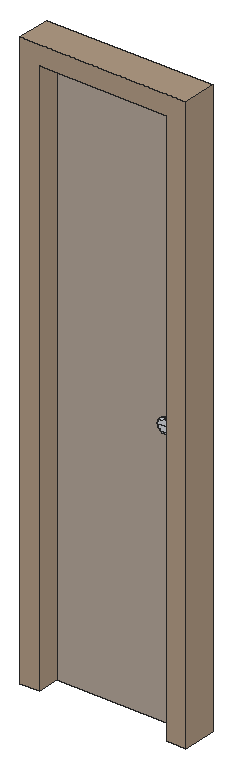
Revit family "D10_木門百葉1", category 門, Revit 2014
Parameters (values of type "60 x 210 cm 2")
  熱阻 (R) = 0.270117 (m²·K)/W
  Visual Light Transmittance = 0
  Solar Heat Gain Coefficient = 0
  營造類型 Id = "MDOOR"
  關鍵註記 = "單開門-矩形"
  傳熱係數 (U) = 3.7021 W/(m²·K)
  功能 = 室內
  門扇材料 = none
  門扇寬度 = Width - 2 * 開門側框寬度  # 500 mm
  門扇厚度 = 40 mm
  Assembly Code = ""
  Rough Height = Height  # 2100 mm
  Rough Width = Width  # 600 mm
  框架深度 = 120 mm
  框擋板寬度 = 門扇厚度 / 2  # 20 mm
  框總寬度 [instance] = 開門側框寬度 + 框擋板寬度  # 70 mm
  Height = 2100 mm
  牆封閉 = 依主體
  框架材料 = none
  開門側框寬度 = 50 mm
  握把五金 = none
  Width = 600 mm
  操作 = "左單開門方向"
  解析營造 = "金屬"
Reference planes
  plane 1: y = -210
  plane 2 "中心 (左/右)": x = 0
  plane 3 "左": x = -300
  plane 4 "右": x = 300
  plane 5: z = 2100
  plane 6 "外部": y = -135
  plane 7 "內部": y = -285
  plane 8: y = 320
  plane 9: y = -740
  plane 10: z = 1050
Forms (mm)
  Sweep 1, solid, material "橡木、紅色"
    path origin (-5000, -210, 0) x (-1, 0, 0) y (0, 0, 1)
      loop
        line (-5300, 0) -> (-5300, 2100) -> (-4700, 2100) -> (-4700, 0)
    profile origin (300, -210, 1050) x (1, 0, 0) y (0, 1, 0)
      loop
        line (0, 60) -> (-50, 60) -> (-50, 20) -> (-70, 20) -> (-70, -60) -> (0, -60) -> (0, 60)
  Extrusion 2, solid, material "橡木、白色"
    sketch origin (-5000, -210, 0) x (1, 0, 0) y (0, 0, 1)
      loop
        line (4750, 2050) -> (4750, 0) -> (5250, 0) -> (5250, 2050) -> (4750, 2050)
    from -60 to -20
Lines and regions (mm)
  Opening 1
    outline origin (-3050, -285, 0) x (1, 0, 0) y (0, 0, 1)
      loop
        line (2750, 0) -> (3350, 0) -> (3350, 2100) -> (2750, 2100) -> (2750, 0)
  symbolic lines, style "Doors"
    curve 1: line (-250, -150, 0) -> (-210, -150, 0)
    curve 2: line (-250, 350, 0) -> (-250, -150, 0)
    curve 3: line (-210, 350, 0) -> (-250, 350, 0)
    curve 4: line (-210, -150, 0) -> (-210, 350, 0)
  symbolic lines, style "平面圖打開方向"
    curve 5: arc (250, -150, 0) -> (117.423, 189.116, 0) -> (-210, 348.397, 0) r 500
  symbolic lines, style "DoorsFrameMullionProjection"
    curve 6: line (-250, -150, 0) -> (-300, -150, 0)
    curve 7: line (-250, -270, 0) -> (-250, -150, 0)
    curve 8: line (-300, -270, 0) -> (-250, -270, 0)
    curve 9: line (-300, -150, 0) -> (-300, -270, 0)
    curve 10: line (250, -150, 0) -> (300, -150, 0)
    curve 11: line (250, -270, 0) -> (250, -150, 0)
    curve 12: line (300, -270, 0) -> (250, -270, 0)
    curve 13: line (300, -150, 0) -> (300, -270, 0)
  symbolic lines, style "立面圖打開方向"
    curve 14: line (-300, -285, 1050) -> (300, -285, 0)
    curve 15: line (-300, -135, 1050) -> (300, -135, 2100)
  model lines
    curve 16: line (155, -190, 375) -> (-155, -190, 375)
    curve 17: line (155, -190, 75) -> (155, -190, 2055)
    curve 18: line (-155, -190, 75) -> (155, -190, 75)
    curve 19: line (-155, -190, 2055) -> (-155, -190, 75)
    curve 20: line (155, -190, 335) -> (-155, -190, 335)
    curve 21: line (155, -190, 295) -> (-155, -190, 295)
    curve 22: line (155, -190, 255) -> (-155, -190, 255)
    curve 23: line (155, -190, 215) -> (-155, -190, 215)
    curve 24: line (155, -190, 175) -> (-155, -190, 175)
    curve 25: line (155, -190, 1180) -> (-155, -190, 1180)
    curve 26: line (155, -190, 405) -> (-155, -190, 405)
    curve 27: line (155, -190, 445) -> (-155, -190, 445)
    curve 28: line (155, -190, 485) -> (-155, -190, 485)
    curve 29: line (155, -190, 525) -> (-155, -190, 525)
    curve 30: line (155, -190, 565) -> (-155, -190, 565)
    curve 31: line (155, -190, 605) -> (-155, -190, 605)
    curve 32: line (155, -190, 645) -> (-155, -190, 645)
    curve 33: line (155, -190, 685) -> (-155, -190, 685)
    curve 34: line (155, -190, 725) -> (-155, -190, 725)
    curve 35: line (155, -190, 765) -> (-155, -190, 765)
    curve 36: line (155, -190, 805) -> (-155, -190, 805)
    curve 37: line (155, -190, 845) -> (-155, -190, 845)
    curve 38: line (155, -190, 885) -> (-155, -190, 885)
    curve 39: line (155, -190, 925) -> (-155, -190, 925)
    curve 40: line (155, -190, 965) -> (-155, -190, 965)
    curve 41: line (155, -190, 1005) -> (-155, -190, 1005)
    curve 42: line (155, -190, 1045) -> (-155, -190, 1045)
    curve 43: line (155, -190, 1085) -> (-155, -190, 1085)
    curve 44: line (155, -190, 1225) -> (-155, -190, 1225)
    curve 45: line (155, -190, 1265) -> (-155, -190, 1265)
    curve 46: line (155, -190, 1305) -> (-155, -190, 1305)
    curve 47: line (155, -190, 1345) -> (-155, -190, 1345)
    curve 48: line (155, -190, 1385) -> (-155, -190, 1385)
    curve 49: line (155, -190, 1425) -> (-155, -190, 1425)
    curve 50: line (155, -190, 1465) -> (-155, -190, 1465)
    curve 51: line (155, -190, 1505) -> (-155, -190, 1505)
    curve 52: line (155, -190, 1545) -> (-155, -190, 1545)
    curve 53: line (155, -190, 1585) -> (-155, -190, 1585)
    curve 54: line (155, -190, 1625) -> (-155, -190, 1625)
    curve 55: line (155, -190, 1665) -> (-155, -190, 1665)
    curve 56: line (155, -190, 1705) -> (-155, -190, 1705)
    curve 57: line (155, -190, 1745) -> (-155, -190, 1745)
    curve 58: line (155, -190, 1785) -> (-155, -190, 1785)
    curve 59: line (155, -190, 1825) -> (-155, -190, 1825)
    curve 60: line (155, -190, 1865) -> (-155, -190, 1865)
    curve 61: line (155, -190, 1905) -> (-155, -190, 1905)
    curve 62: line (155, -190, 1945) -> (-155, -190, 1945)
    curve 63: line (155, -190, 1985) -> (-155, -190, 1985)
    curve 64: line (155, -190, 2025) -> (-155, -190, 2025)
    curve 65: line (155, -190, 2055) -> (-155, -190, 2055)
    curve 66: line (155, -150, 325) -> (-155, -150, 325)
    curve 67: line (155, -150, 75) -> (155, -150, 1955)
    curve 68: line (-155, -150, 75) -> (155, -150, 75)
    curve 69: line (-155, -150, 1955) -> (-155, -150, 75)
    curve 70: line (155, -150, 285) -> (-155, -150, 285)
    curve 71: line (155, -150, 245) -> (-155, -150, 245)
    curve 72: line (155, -150, 205) -> (-155, -150, 205)
    curve 73: line (155, -150, 165) -> (-155, -150, 165)
    curve 74: line (155, -150, 125) -> (-155, -150, 125)
    curve 75: line (155, -150, 365) -> (-155, -150, 365)
    curve 76: line (155, -150, 405) -> (-155, -150, 405)
    curve 77: line (155, -150, 445) -> (-155, -150, 445)
    curve 78: line (155, -150, 485) -> (-155, -150, 485)
    curve 79: line (155, -150, 525) -> (-155, -150, 525)
    curve 80: line (155, -150, 565) -> (-155, -150, 565)
    curve 81: line (155, -150, 605) -> (-155, -150, 605)
    curve 82: line (155, -150, 645) -> (-155, -150, 645)
    curve 83: line (155, -150, 685) -> (-155, -150, 685)
    curve 84: line (155, -150, 725) -> (-155, -150, 725)
    curve 85: line (155, -150, 765) -> (-155, -150, 765)
    curve 86: line (155, -150, 805) -> (-155, -150, 805)
    curve 87: line (155, -150, 845) -> (-155, -150, 845)
    curve 88: line (155, -150, 885) -> (-155, -150, 885)
    curve 89: line (155, -150, 925) -> (-155, -150, 925)
    curve 90: line (155, -150, 965) -> (-155, -150, 965)
    curve 91: line (155, -150, 1005) -> (-155, -150, 1005)
    curve 92: line (155, -150, 1045) -> (-155, -150, 1045)
    curve 93: line (155, -150, 1085) -> (-155, -150, 1085)
    curve 94: line (155, -150, 1125) -> (-155, -150, 1125)
    curve 95: line (155, -150, 1165) -> (-155, -150, 1165)
    curve 96: line (155, -150, 1205) -> (-155, -150, 1205)
    curve 97: line (155, -150, 1245) -> (-155, -150, 1245)
    curve 98: line (155, -150, 1285) -> (-155, -150, 1285)
    curve 99: line (155, -150, 1325) -> (-155, -150, 1325)
    curve 100: line (155, -150, 1365) -> (-155, -150, 1365)
    curve 101: line (155, -150, 1405) -> (-155, -150, 1405)
    curve 102: line (155, -150, 1445) -> (-155, -150, 1445)
    curve 103: line (155, -150, 1485) -> (-155, -150, 1485)
    curve 104: line (155, -150, 1525) -> (-155, -150, 1525)
    curve 105: line (155, -150, 1565) -> (-155, -150, 1565)
    curve 106: line (155, -150, 1605) -> (-155, -150, 1605)
    curve 107: line (155, -150, 1645) -> (-155, -150, 1645)
    curve 108: line (155, -150, 1685) -> (-155, -150, 1685)
    curve 109: line (155, -150, 1725) -> (-155, -150, 1725)
    curve 110: line (155, -150, 1765) -> (-155, -150, 1765)
    curve 111: line (155, -150, 1805) -> (-155, -150, 1805)
    curve 112: line (155, -150, 1845) -> (-155, -150, 1845)
    curve 113: line (155, -150, 1885) -> (-155, -150, 1885)
    curve 114: line (155, -150, 1925) -> (-155, -150, 1925)
    curve 115: line (155, -150, 1955) -> (-155, -150, 1955)
Text (mm)
  text "外部" at (-2295.016, 1099.543, 0), in view "參考樓層"
  text "外部" at (0, 1615.38, 3698.081), in view "左"
  text "外部" at (0, 1036.032, 3874.932), in view "右"
Dimensions and locks
  equal spacing: plane 3 "左", plane 2 "中心 (左/右)", plane 4 "右"
  "Width": plane 3 "左" to plane 4 "右"
  "Height": plane 5 to host wall
  host wall to plane 5 = 2100 mm  (x2)
  locked: plane 6 "外部" to host wall at 0
  locked: plane 7 "內部" to host wall
  equal spacing: Sweep 1 sketch curve, host wall, Sweep 1 sketch curve
  "框架深度": Sweep 1 sketch curve to Sweep 1 sketch curve
  "門扇厚度": Sweep 1 sketch curve to Sweep 1 sketch curve
  "開門側框寬度": Sweep 1 sketch curve to Sweep 1 sketch curve
  "框擋板寬度": Sweep 1 sketch curve to Sweep 1 sketch curve
  "Width": Sweep 1 sketch curve to Sweep 1 sketch curve
  "門扇厚度": curve 2 to curve 4
  "門扇寬度": curve 3 to curve 1
  "開門側框寬度": curve 11 to Sweep 1
  "開門側框寬度": curve 9 to curve 7
  equal spacing: Sweep 1, host wall, Sweep 1  (x2)
  "框架深度": Sweep 1 to Sweep 1  (x2)
  equal spacing: curve 6, plane 1, curve 8
  "框架深度": curve 6 to curve 8
  equal spacing: curve 12, plane 1, curve 10
  "框架深度": curve 12 to curve 10
  nested 2 to Sweep 1 = 30 mm
  nested 1 to Sweep 1 = 30 mm
  equal spacing: plane 8, plane 1, plane 9
  plane 8 to plane 9 = 1060 mm
  "門扇厚度": Extrusion 2 to Extrusion 2
  equal spacing: plane 5, plane 10, level
  "門扇寬度": radius of curve 5
  aligned and locked: plane 3 "左" to Opening 1 sketch curve
  aligned and locked: plane 5 to Opening 1 sketch curve  (x2)
  aligned and locked: Opening 1 sketch curve to plane 4 "右"
  aligned and locked: Opening 1 sketch curve to level
  aligned and locked: plane 1 to host wall
  aligned and locked: Sweep 1 to Extrusion 2 sketch curve
  aligned and locked: Extrusion 2 sketch curve to Sweep 1  (x2)
  aligned and locked: level to Extrusion 2 sketch curve
  aligned and locked: Extrusion 2 to Sweep 1
  aligned and locked: nested 2 to Extrusion 2
  aligned and locked: plane 4 "右" to curve 15
  aligned and locked: plane 5 to curve 15
  aligned and locked: level to curve 14
  aligned and locked: plane 4 "右" to curve 14
  aligned and locked: plane 10 to curve 15
  aligned and locked: plane 3 "左" to curve 15
  aligned and locked: curve 14 to curve 15
  aligned and locked: Sweep 1 to nested 1
  aligned and locked: nested 2 to Sweep 1  (x2)
  aligned and locked: nested 2 to nested 1
Automatic sketch dimensions
  curve 14 to plane 10 = 0 mm
  plane 4 "右" to Sweep 1 sketch curve = 0 mm
  Sweep 1 sketch curve to plane 5 = 0 mm
  Sweep 1 sketch curve to level = 0 mm  (x2)
  Sweep 1 sketch curve to profile plane = 0 mm
  curve 9 to plane 3 "左" = 0 mm
  curve 13 to plane 4 "右" = 0 mm
  level to curve 69 = 75 mm
  curve 68 to curve 74 = 50 mm
  curve 74 to curve 73 = 40 mm
  curve 73 to curve 72 = 40 mm
  curve 72 to curve 71 = 40 mm
  curve 71 to curve 70 = 40 mm
  curve 114 to plane 3 "左" = 145 mm
  curve 92 to plane 10 = 5 mm
  plane 4 "右" to curve 82 = 145 mm
  curve 66 to curve 75 = 40 mm
  curve 75 to curve 76 = 40 mm
  curve 76 to curve 77 = 40 mm
  curve 77 to curve 78 = 40 mm
  curve 78 to curve 79 = 40 mm
  curve 79 to curve 80 = 40 mm
  curve 80 to curve 81 = 40 mm
  curve 81 to curve 82 = 40 mm
  curve 82 to curve 83 = 40 mm
  curve 83 to curve 84 = 40 mm
  curve 84 to curve 85 = 40 mm
  curve 85 to curve 86 = 40 mm
  curve 86 to curve 87 = 40 mm
  curve 87 to curve 88 = 40 mm
  curve 88 to curve 89 = 40 mm
  curve 89 to curve 90 = 40 mm
  curve 90 to curve 91 = 40 mm
  plane 10 to curve 93 = 35 mm
  curve 93 to curve 94 = 40 mm
  curve 94 to curve 95 = 40 mm
  curve 95 to curve 96 = 40 mm
  curve 96 to curve 97 = 40 mm
  curve 97 to curve 98 = 40 mm
  curve 98 to curve 99 = 40 mm
  curve 99 to curve 100 = 40 mm
  curve 100 to curve 101 = 40 mm
  curve 101 to curve 102 = 40 mm
  curve 102 to curve 103 = 40 mm
  curve 103 to curve 104 = 40 mm
  curve 104 to curve 105 = 40 mm
  curve 105 to curve 106 = 40 mm
  curve 106 to curve 107 = 40 mm
  curve 107 to curve 108 = 40 mm
  curve 108 to curve 109 = 40 mm
  curve 109 to curve 110 = 40 mm
  curve 110 to curve 111 = 40 mm
  curve 111 to curve 112 = 40 mm
  curve 112 to curve 113 = 40 mm
  curve 113 to curve 114 = 40 mm
  curve 114 to curve 115 = 30 mm
  curve 70 to curve 66 = 40 mm
  curve 19 to plane 3 "左" = 145 mm
  plane 5 to curve 65 = 45 mm
  plane 4 "右" to curve 18 = 145 mm
  level to curve 18 = 75 mm
  curve 17 to curve 64 = 30 mm
  curve 64 to curve 63 = 40 mm
  curve 63 to curve 62 = 40 mm
  curve 62 to curve 61 = 40 mm
  curve 61 to curve 60 = 40 mm
  curve 60 to curve 59 = 40 mm
  curve 59 to curve 58 = 40 mm
  curve 58 to curve 57 = 40 mm
  curve 57 to curve 56 = 40 mm
  curve 56 to curve 55 = 40 mm
  curve 55 to curve 54 = 40 mm
  curve 54 to curve 53 = 40 mm
  curve 53 to curve 52 = 40 mm
  curve 52 to curve 51 = 40 mm
  curve 51 to curve 50 = 40 mm
  curve 50 to curve 49 = 40 mm
  curve 49 to curve 48 = 40 mm
  curve 48 to curve 47 = 40 mm
  curve 47 to curve 46 = 40 mm
  curve 46 to curve 45 = 40 mm
  curve 45 to curve 44 = 40 mm
  curve 44 to curve 25 = 45 mm
  plane 10 to curve 43 = 35 mm
  curve 42 to plane 10 = 5 mm
  curve 42 to curve 41 = 40 mm
  curve 41 to curve 40 = 40 mm
  curve 40 to curve 39 = 40 mm
  curve 39 to curve 38 = 40 mm
  curve 38 to curve 37 = 40 mm
  curve 37 to curve 36 = 40 mm
  curve 36 to curve 35 = 40 mm
  curve 35 to curve 34 = 40 mm
  curve 34 to curve 33 = 40 mm
  curve 33 to curve 32 = 40 mm
  curve 32 to curve 31 = 40 mm
  curve 31 to curve 30 = 40 mm
  curve 30 to curve 29 = 40 mm
  curve 29 to curve 28 = 40 mm
  curve 28 to curve 27 = 40 mm
  curve 27 to curve 26 = 40 mm
  curve 26 to curve 16 = 30 mm
  curve 16 to curve 20 = 40 mm
  curve 20 to curve 21 = 40 mm
  curve 21 to curve 22 = 40 mm
  curve 22 to curve 23 = 40 mm
  curve 23 to curve 24 = 40 mm
Nested families
  nested 1: "喇叭鎖" at (275, -190, 0) x (-1, 0, 0) z (0, 0, 1), type "喇叭鎖"
  nested 2: "喇叭鎖" at (275, -150, 0) x (-1, 0, 0) z (0, 0, 1), type "喇叭鎖"
  nested 3: "喇叭鎖" at (365, 60, 1000), type "喇叭鎖", not visible
  nested 4: "喇叭鎖" at (365, 20, 1000), type "喇叭鎖", not visible
Definition of nested family "喇叭鎖"
  Parameters (values of type "喇叭鎖")
    Assembly Code = ""
    握把高度 = 1000 mm
    握把與版面側邊距離 = 75 mm
    握把五金 = none
  Reference planes
    plane 1 "中心 (前/後)": y = 0
    plane 2: z = 0
    plane 3 "中心 (左/右)": x = 0
    plane 4: x = 75
  Forms (mm)
    Revolve 1, solid, material <- "握把五金"
      sketch origin (511.236, -60, 1000) x (1, 0, 0) y (0, 1, 0)
        loop
          line (-436.236, 60) -> (-406.236, 60) -> (-406.236, 66) -> (-426.236, 66) -> (-426.236, 85) -> (-417.636, 85) -> (-411.236, 109.7) -> (-411.236, 113.2) -> (-415.736, 115) -> (-436.236, 115) -> (-436.236, 60)
        axis (-436.236, 60) -> (-436.236, 115)
      angle from 0 to 360
  Dimensions and locks
    "握把與版面側邊距離": plane 3 "中心 (左/右)" to plane 4
    "握把高度": Revolve 1 to level
  Automatic sketch dimensions
    plane 3 "中心 (左/右)" to Revolve 1 sketch curve = 75 mm  (x2)
    Revolve 1 sketch curve to plane 1 "中心 (前/後)" = 0 mm
    plane 3 "中心 (左/右)" to Revolve 1 sketch curve = 85 mm
    Revolve 1 sketch curve to Revolve 1 sketch curve = 8.6 mm
    plane 3 "中心 (左/右)" to Revolve 1 sketch curve = 95.5 mm
    Revolve 1 sketch curve to Revolve 1 sketch curve = 4.5 mm
    Revolve 1 sketch curve to Revolve 1 sketch curve = 20 mm
    plane 1 "中心 (前/後)" to Revolve 1 sketch curve = 60 mm
    Revolve 1 sketch curve to Revolve 1 sketch curve = 6 mm
    Revolve 1 sketch curve to Revolve 1 sketch curve = 19 mm
    Revolve 1 sketch curve to Revolve 1 sketch curve = 24.7 mm
    Revolve 1 sketch curve to Revolve 1 sketch curve = 3.5 mm
    Revolve 1 sketch curve to Revolve 1 sketch curve = 1.8 mm
    Revolve 1 sketch curve to Revolve 1 sketch curve = 200 mm
